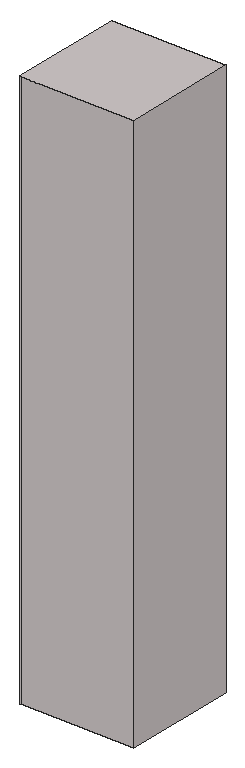
Revit family "559fb30c7ae0495d8f46acf4e666c95d", category Structural Columns, Revit 2021
Family settings
  Display in Hidden Views = Edges Hidden by Other Members
  Section Shape = Not Defined
  Material for Model Behavior = Precast Concrete
  Always export as geometry = No
  Beam cutback in plan = From bounding box
  OmniClass Number = 23.25.30.11.14.11
  OmniClass Title = Columns
  Seek Item ID = Precast-Square Column-0000-USA-ENU
  Cut with Voids When Loaded = No
  Symbolic Representation = From Family
  Shared = No
  Show family pre-cut in plan views = Yes
Parameters (values of type "20"x20"")
  TransChamfer = if(Chamfer = 0' 0", 0' 0.07874", Chamfer)  # 0' - 0.07874"
  Tie Rod Weight [instance] = 30
  Tie Rod W [instance] = (Tie Rod Weight) * 2.20313 kip / 1000  # 0.0660938 kip
  Structural Material [instance] = Concrete, Precast
  Single Rebar Weight [instance] = 50
  Single Rebar W [instance] = (Single Rebar Weight * 2.20313 kip) / 1000  # 0.110156 kip
  Rebar Grids Weight [instance] = 100
  Rebar Grids W [instance] = (Rebar Grids Weight * 2.20313 kip) / 1000  # 0.220313 kip
  b = 1' - 8"
  Chamfer = 0' - 0"
Reference planes (in)
  plane 1 "Center (Front/Back)": y = 0
  plane 2: z = 0
  plane 3 "Center (Left/Right)": x = 0
  plane 4: x = -10
  plane 5: y = -10
  plane 6: x = 10
  plane 7: y = 10
  plane 8: y = -10
  plane 9: x = 9.92126
  plane 10: x = -9.92126
  plane 11: y = 10
Forms (in)
  Extrusion 1, solid, material "Concrete, Precast" <- "Structural Material"
    sketch origin (0.98425, -0.98425, 0) x (1, 0, 0) y (0, 1, 0)
      loop
        line (-10.90551, 10.98425) -> (-10.98425, 10.98425) -> (-10.98425, -9.01575) -> (-10.90551, -9.01575) -> (8.93701, -9.01575) -> (9.01575, -9.01575) -> (9.01575, 10.98425) -> (8.93701, 10.98425) -> (-10.90551, 10.98425)
    from 0 to 98.4252
Dimensions and locks (in)
  equal spacing: plane 4, plane 3 "Center (Left/Right)", plane 6
  equal spacing: plane 7, plane 1 "Center (Front/Back)", plane 5
  "b": plane 4 to plane 6
  "b": plane 7 to plane 5
  "Chamfer": plane 7 to plane 11
  "Chamfer": plane 5 to plane 8
  "TransChamfer": plane 4 to plane 10
  "TransChamfer": plane 9 to plane 6
  aligned and locked: level to Extrusion 1
  aligned and locked: level to plane 2
  aligned and locked: Extrusion 1 to plane 2
  aligned and locked: Extrusion 1 sketch curve to plane 4
  aligned and locked: Extrusion 1 sketch curve to plane 6
  aligned and locked: Extrusion 1 sketch curve to plane 5
  aligned and locked: Extrusion 1 sketch curve to plane 7
  aligned and locked: plane 10 to Extrusion 1 sketch curve  (x2)
  aligned and locked: plane 11 to Extrusion 1 sketch curve  (x2)
  aligned and locked: plane 9 to Extrusion 1 sketch curve  (x2)
  aligned and locked: plane 8 to Extrusion 1 sketch curve  (x2)
